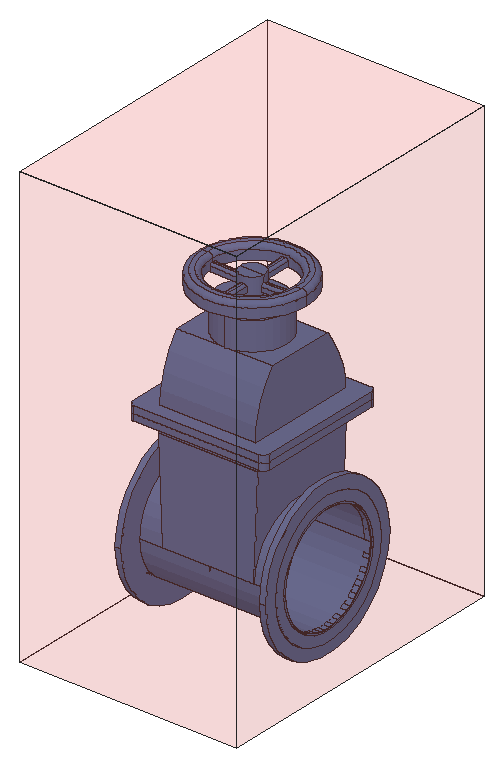
Revit family "Поли-Групп_ЗадвижкаКлиноваяEAZ-EК-F5_DN40-900", category Арматура трубопроводов, Revit 2019
Family settings
  Размер круглого соединителя = Использовать диаметр
  Тип детали = Клапан - Вставляется
  На основе рабочей плоскости = Нет
  Всегда вертикально = Да
  При загрузке вырезать с полостями = Нет
  Общий = Нет
Parameters (values of type "Загрузите типоразмеры из каталог семейств")
  Тип присоединения = "Фланцевое"  # constant formula
  Тип привода = "Штурвал"  # constant formula
  Температура рабочей среды = "0 до +70°С"  # constant formula
  ТВ = "Поли-Групп_ЗадвижкаКлиноваяEAZ-EК-F5_DN40-900"  # constant formula
  Срок службы = "50 лет"  # constant formula
  Сервисная зона_Вкл_Выкл [instance] = yes
  Разработчик = "https://3dbim.pro/"
  Рабочая среда = "Питьевая вода, техническая вода, канализационные стоки, морская вода"  # constant formula
  Покрытие = "Высококачественное эпоксидное покрытие толщиной 300 мкм"  # constant formula
  A = D * 0.9  # 643.5 mm
  l3 = L * 0.9  # 630 mm
  Назначение = "Для установки в качестве запорного устройства на трубопроводах"  # constant formula
  Материал уплотнителя = "EPDM/NBR"  # constant formula
  Материал Диска = "Высокопрочный чугун с шаровидным графитом (GGG-40)"  # constant formula
  d1 = DN / 4  # 125 mm
  Класс герметичности = "А по ГОСТ Р 9544-2015"  # constant formula
  Manufacturer = ""
  h2 = H2 * 0.5  # 557 mm
  Габаритные размеры = size_lookup(ТВ, "Габаритные размеры", "нет данных", DN, PN)  # "700х715х1114"
  t = h2 * 0.1  # 55.7 mm
  l2 = L * 0.65  # 455 mm
  l1 = L * 0.6  # 420 mm
  b = size_lookup(ТВ, "b", 20 mm, DN, PN)  # 31.5 mm
  PN = 16.0 bar
  DO = size_lookup(ТВ, "DO", 160 mm, DN, PN)  # 500 mm
  D2 = size_lookup(ТВ, "D2", 340 mm, DN, PN)  # 605 mm
  f = size_lookup(ТВ, "f", 3 mm, DN, PN)  # 4 mm
  URL = ""
  R = size_lookup(ТВ, "R", 245 mm, DN, PN)  # 27.5 mm
  L = size_lookup(ТВ, "L", 500 mm, DN, PN)  # 700 mm
  Kv = size_lookup(ТВ, "Kv", 1.0 m³/h, DN, PN)  # 1.0 m³/h
  H2 = size_lookup(ТВ, "H2", 245 mm, DN, PN)  # 1114 mm
  D_Наружный = DN + 9 mm  # 509 mm
  DN = 500 mm
  D = size_lookup(ТВ, "D", 340 mm, DN, PN)  # 715 mm
  ADSK_Расход жидкости [instance] = 0.0 m³/h
  ADSK_Примечание = ""
  ADSK_Потеря давления жидкости [instance] = (ADSK_Расход жидкости / Kv) ^ 2 * 1.0 bar  # 0.0 bar
  ADSK_Позиция = ""
  ADSK_Обозначение = ""
  ADSK_Наименование краткое = size_lookup(ТВ, "ADSK_Наименование краткое", "нет данных", DN, PN)  # "Задвижка клиновая EAZ EK F5 DN500 PN16"
  ADSK_Наименование = size_lookup(ТВ, "ADSK_Наименование", "нет данных", DN, PN)  # "Задвижка с обрезиненным клином EAZ EK F5 для воды с мягким уплотнением фланцевая маховик DN500 PN16"
  ADSK_Материал наименование = "Высокопрочный чугун с шаровидным графитом (GGG-40)"  # constant formula
  ADSK_Материал = Высокопрочный чугун GGG-40
  ADSK_Масса_Текст = size_lookup(ТВ, "ADSK_Масса_Текст", "нет данных", DN, PN)  # "394"
  ADSK_Масса = size_lookup(ТВ, "ADSK_Масса", 0, DN, PN)  # 394
  ADSK_Марка = size_lookup(ТВ, "ADSK_Код изделия", "нет данных", DN, PN)  # "EAZ-GV-4-F5 DN500 PN16"
  ADSK_Количество = 1  # constant formula
  ADSK_Код изделия = ""
  ADSK_Завод-изготовитель = "ООО ПК «Поли-Групп»"  # constant formula
  ADSK_Единица измерения = "шт"  # constant formula
  ADSK_Версия Revit = "2019"  # constant formula
  ADSK_URL страницы изделия = "https://www.polycorr.ru/"
Reference planes
  plane 1 "По центру (Вперед/Назад)": y = 0
  plane 2: z = 0
  plane 3 "По центру (Влево/Вправо)": x = 0
  plane 4: y = 250
  plane 5: y = -250
  plane 6: x = -350
  plane 7: x = 350
  plane 8: x = -154
  plane 9: x = 154
  plane 10: y = 302.5
  plane 11: y = -302.5
  plane 12: y = 254.5
  plane 13: y = -254.5
  plane 14 "Корпус": z = 557
  plane 15: z = 525.5
  plane 16: z = 469.8
  plane 17: x = -227.5
  plane 18: x = 227.5
  plane 19: x = -210
  plane 20: x = 210
  plane 21: y = 321.75
  plane 22: y = -321.75
  plane 23: x = 315
  plane 24: x = -315
  plane 25: y = 254.5
  plane 26: y = -254.5
  plane 27: x = -5
  plane 28: x = 5
  plane 29: z = 250
  plane 30: z = -250
  plane 31 "Штурвал": z = 1114
Forms (mm)
  Revolve 1, solid, material "Высокопрочный чугун GGG-40" <- "ADSK_Материал", detail levels fine
    sketch origin (0, 0, 0) x (1, 0, 0) y (0, 1, 0)
      loop
        line (-350, 254.5) -> (-350, 0) -> (350, 0) -> (350, 254.5) -> (-350, 254.5)
      axis (-350, 0) -> (350, 0)
    angle from 0 to 360
  Extrusion 2, solid, material "Высокопрочный чугун GGG-40" <- "ADSK_Материал", detail levels fine
    sketch origin (-117.677, -1524, 525.5) x (-1, 0, 0) y (0, -1, 0)
      loop
        arc (169.823, -1845.75) -> (189.268, -1837.695) -> (197.323, -1818.25) r 27.5
        line (197.323, -1818.25) -> (197.323, -1229.75)
        arc (197.323, -1229.75) -> (189.268, -1210.305) -> (169.823, -1202.25) r 27.5
        line (169.823, -1202.25) -> (-405.177, -1202.25)
        arc (-405.177, -1202.25) -> (-424.623, -1210.305) -> (-432.677, -1229.75) r 27.5
        line (-432.677, -1229.75) -> (-432.677, -1818.25)
        arc (-432.677, -1818.25) -> (-424.623, -1837.695) -> (-405.177, -1845.75) r 27.5
        line (-405.177, -1845.75) -> (169.823, -1845.75)
    from 0 to 31.5
  Blend 3, solid, material "Высокопрочный чугун GGG-40" <- "ADSK_Материал", detail levels fine
    base sketch origin (0, 0, 0) x (1, 0, 0) y (0, 1, 0)
      loop
        line (-210, 254.5) -> (-210, -254.5) -> (210, -254.5) -> (210, 254.5) -> (-210, 254.5)
    top sketch origin (0, 0, 0) x (1, 0, 0) y (0, 1, 0)
      loop
        line (-227.5, 254.5) -> (-227.5, -254.5) -> (227.5, -254.5) -> (227.5, 254.5) -> (-227.5, 254.5)
    from 0 to 469.8
  Extrusion 4, solid, material "Высокопрочный чугун GGG-40" <- "ADSK_Материал", detail levels fine
    sketch origin (-117.677, -1524, 469.8) x (-1, 0, 0) y (0, -1, 0)
      loop
        line (109.823, -1269.5) -> (-345.177, -1269.5) -> (-345.177, -1778.5) -> (109.823, -1778.5) -> (109.823, -1269.5)
    from 0 to 55.7
  Extrusion 5, void
    sketch origin (-154, 168.089, 1200) x (0, -1, 0) y (0, 0, 1)
      loop
        circle (168.089, -1200) r 250
    from 196 to -504
  Extrusion 6, solid, material "Высокопрочный чугун GGG-40" <- "ADSK_Материал", detail levels fine
    sketch origin (0, 0, 0) x (0, 1, 0) y (0, 0, 1)
      loop
        circle (0, 0) r 250
    from -5 to 5
  Extrusion 7, solid, material "Высокопрочный чугун GGG-40" <- "ADSK_Материал", detail levels fine
    sketch origin (0, 0, 0) x (1, 0, 0) y (0, 1, 0)
      loop
        circle (0, 0) r 62.5
    from -250 to 250
Cuts and joins
  Extrusion 5 cuts Revolve 1
  Extrusion 5 cuts Blend 3
  joined: Revolve 1, Blend 3
Dimensions and locks
  equal spacing: plane 4, plane 1 "По центру (Вперед/Назад)", plane 5
  "DN": plane 4 to plane 5
  equal spacing: plane 10, plane 1 "По центру (Вперед/Назад)", plane 11
  "D2": plane 10 to plane 11
  equal spacing: plane 12, plane 1 "По центру (Вперед/Назад)", plane 13
  "D_Наружный": plane 12 to plane 13
  "b": plane 14 "Корпус" to plane 15
  "h2": plane 14 "Корпус" to plane 2
  equal spacing: plane 19, plane 3 "По центру (Влево/Вправо)", plane 20
  "l1": plane 19 to plane 20
  equal spacing: plane 17, plane 3 "По центру (Влево/Вправо)", plane 18
  "l2": plane 17 to plane 18
  equal spacing: plane 21, plane 1 "По центру (Вперед/Назад)", plane 22
  "A": plane 21 to plane 22
  equal spacing: plane 24, plane 3 "По центру (Влево/Вправо)", plane 23
  "l3": plane 24 to plane 23
  "D_Наружный": plane 25 to plane 26
  equal spacing: plane 26, plane 1 "По центру (Вперед/Назад)", plane 25
  equal spacing: plane 28, plane 3 "По центру (Влево/Вправо)", plane 27
  locked: plane 28 to plane 3 "По центру (Влево/Вправо)" at 5
  "t": plane 15 to plane 16
  equal spacing: plane 29, level, plane 30
  "DN": plane 29 to plane 30
  "H2": plane 31 "Штурвал" to level
  equal spacing: plane 6, nested 3, plane 7
  "L": plane 6 to plane 7
  equal spacing: plane 6, plane 3 "По центру (Влево/Вправо)", plane 7
  "R": radius of Extrusion 2 sketch curve  (x4)
  "DN": diameter of Extrusion 5 sketch curve
  "DN": diameter of Extrusion 6 sketch curve
  "d1": diameter of Extrusion 7 sketch curve
  aligned and locked: level to plane 2
  aligned and locked: Revolve 1 sketch curve to plane 12
  aligned and locked: plane 1 "По центру (Вперед/Назад)" to Revolve 1 sketch curve
  aligned and locked: Extrusion 2 sketch curve to plane 21
  aligned and locked: Extrusion 2 sketch curve to plane 24
  aligned and locked: Extrusion 2 sketch curve to plane 22
  aligned and locked: Extrusion 2 sketch curve to plane 23
  aligned and locked: plane 14 "Корпус" to Extrusion 2
  aligned and locked: plane 25 to Blend 3 sketch curve
  aligned and locked: plane 17 to Blend 3 sketch curve
  aligned and locked: Blend 3 sketch curve to plane 18
  aligned and locked: Blend 3 sketch curve to plane 26
  aligned and locked: Blend 3 sketch curve to plane 12
  aligned and locked: plane 19 to Blend 3 sketch curve
  aligned and locked: plane 13 to Blend 3 sketch curve
  aligned and locked: Blend 3 sketch curve to plane 20
  aligned and locked: Blend 3 to plane 16
  aligned and locked: plane 26 to Extrusion 4 sketch curve
  aligned and locked: Extrusion 4 sketch curve to plane 17
  aligned and locked: Extrusion 4 sketch curve to plane 25
  aligned and locked: Extrusion 4 sketch curve to plane 18
  aligned and locked: Revolve 1 sketch curve to plane 1 "По центру (Вперед/Назад)"
  aligned and locked: nested 1 to plane 1 "По центру (Вперед/Назад)"
  aligned and locked: plane 1 "По центру (Вперед/Назад)" to nested 2
  aligned and locked: Extrusion 6 to plane 27
  aligned and locked: Extrusion 6 to plane 28
  aligned and locked: Extrusion 4 to plane 15
  aligned and locked: Extrusion 7 to plane 30
  aligned and locked: plane 29 to Extrusion 7
  aligned and locked: plane 1 "По центру (Вперед/Назад)" to nested 3
  aligned and locked: plane 7 to nested 2
  aligned and locked: Revolve 1 sketch curve to plane 7
  aligned and locked: cut or joined group of Revolve 1, Blend 3, Extrusion 5 to plane 6
  aligned and locked: Extrusion 5 to plane 6
  aligned and locked: plane 7 to Extrusion 5
  aligned and locked: nested 1 to plane 6
  aligned and locked: plane 3 "По центру (Влево/Вправо)" to nested 4
  aligned and locked: plane 1 "По центру (Вперед/Назад)" to nested 4
  aligned and locked: nested 4 to level
  aligned and locked: plane 3 "По центру (Влево/Вправо)" to nested 5
  aligned and locked: nested 5 to level
  aligned and locked: plane 3 "По центру (Влево/Вправо)" to nested 6
Automatic sketch dimensions
  Revolve 1 sketch curve to plane 6 = 14 mm
  Revolve 1 sketch curve to plane 7 = 5 mm
  Revolve 1 sketch curve to plane 6 = 0 mm
  Extrusion 5 sketch curve to level = 0 mm
  Extrusion 5 sketch curve to plane 1 "По центру (Вперед/Назад)" = 0 mm
  Extrusion 6 sketch curve to level = 0 mm
  Extrusion 6 sketch curve to plane 1 "По центру (Вперед/Назад)" = 0 mm
  plane 1 "По центру (Вперед/Назад)" to Extrusion 7 sketch curve = 0 mm
  Extrusion 7 sketch curve to plane 3 "По центру (Влево/Вправо)" = 0 mm
Nested families
  nested 1: "Вл_Фланец" at (-318.5, 0, 0) x (-1, 0, 0) z (0, 0, 1), type "Вл_Фланец", detail levels fine
    with D2 605 mm, f 4 mm, D 715 mm, b 31.5 mm, DN 500 mm
  nested 2: "Вл_Фланец" at (318.5, 0, 0), type "Вл_Фланец", detail levels fine
    with D2 605 mm, f 4 mm, D 715 mm, b 31.5 mm, DN 500 mm
  nested 3: "Вл_КрышкаКорпусаШтурвал" at (0, 0, 557), type "Вл_КрышкаКорпусаШтурвал", detail levels fine
  nested 4: "УГО_АТ_Задвижка" at (-0.685, 0, 0) x (1, 0, 0) z (0, -1, 0), type "УГО_АТ_Задвижка", detail levels coarse+medium
    with УГО_Длина 700 mm, b 202.073 mm
  nested 5: "УГО_ЭУ_Задвижка" at (0, 0, 0) x (1, 0, 0) z (0, -1, 0), type "УГО_ЭУ_Задвижка", detail levels coarse+medium
    with УГО_Длина 700 mm, b 202.073 mm
  nested 6: "Вл_СервиснаяЗона" at (0, 0, -19.073), visible <- "Сервисная зона_Вкл_Выкл", type "Вл_СервиснаяЗона", detail levels fine
    with on_off yes, ДиаметрФланца 715 mm, СЗ_ВысотаПодОсью 357.5 mm, СЗ_ВысотаНадОсью 1671 mm, СЗ_ШиринаВперед 715 mm, Длина 500 mm, СЗ_Длина 1000 mm, ВысотаНадОсью 1114 mm, СЗ_ШиринаНазад 715 mm, ВысотаПодОсью 715 mm
Connectors
  piping at (350, 0, 0), diameter 500, driven by "DN", driven by "ADSK_Расход жидкости"
    settings: on cut or joined group of Revolve 1, Blend 3, Extrusion 5, index 1, connector inside diameter 609.6 mm, connector length 0 mm, flow factor 0, pipe flow 0.0 m³/h, pressure drop 0.0 bar, fitting loss kfactor 0, connector angle 0.00°, fixture units 0, engagement length 0 mm, angle of deflection 0.00°, flow configuration 0, flow direction 0, fitting loss method 0, system type 29, joint type 0, gender type 0, connector reference index 2, connector utility 0, adjustable connector no, is connector primary yes, connector description ""
  piping at (-350, 0, 0), diameter 500, driven by "DN", driven by "ADSK_Расход жидкости", driven by "ADSK_Потеря давления жидкости"
    settings: on cut or joined group of Revolve 1, Blend 3, Extrusion 5, index 2, connector inside diameter 609.6 mm, connector length 0 mm, flow factor 0, pipe flow 0.0 m³/h, pressure drop 0.0 bar, fitting loss kfactor 0, connector angle 0.00°, fixture units 0, engagement length 0 mm, angle of deflection 0.00°, flow configuration 0, flow direction 0, fitting loss method 4, system type 29, joint type 0, gender type 0, connector reference index 1, connector utility 0, adjustable connector no, is connector primary no, connector description ""
Definition of nested family "Вл_Фланец"
  Parameters (values of type "Вл_Фланец")
    Материал = none
    Manufacturer = ""
    D2 = 682 mm
    f = 5 mm
    URL = ""
    D = 780 mm
    b = 36 mm
    DN = 600 mm
  Reference planes
    plane 1 "По центру (Вперед/Назад)": y = 0
    plane 2: z = 0
    plane 3 "По центру (Влево/Вправо)": x = 0
    plane 4: x = 31
    plane 5: x = 36
  Forms (mm)
    Extrusion 1, solid, material <- "Материал"
      sketch origin (0, 0, 0) x (0, 1, 0) y (0, 0, 1)
        loop
          circle (0, 1.343) r 390
        loop
          circle (0, 0) r 300
      from 0 to 31
    Extrusion 2, solid, material <- "Материал"
      sketch origin (31, 232.183, 1200) x (0, 1, 0) y (0, 0, 1)
        loop
          circle (-232.183, -1200) r 341
        loop
          circle (-232.183, -1200) r 300
      from 0 to 5
  Dimensions and locks
    "f": plane 4 to plane 5
    "b": plane 3 "По центру (Влево/Вправо)" to plane 5
    "D": diameter of Extrusion 1 sketch curve
    "DN": diameter of Extrusion 1 sketch curve
    "DN": diameter of Extrusion 2 sketch curve
    "D2": diameter of Extrusion 2 sketch curve
    aligned and locked: level to plane 2
    aligned and locked: Extrusion 1 to plane 4
    aligned and locked: Extrusion 2 to plane 5
  Automatic sketch dimensions
    Extrusion 1 sketch curve to level = 0 mm
    Extrusion 1 sketch curve to plane 1 "По центру (Вперед/Назад)" = 0 mm  (x2)
    level to Extrusion 1 sketch curve = 1.343 mm
    Extrusion 2 sketch curve to Extrusion 2 sketch curve = 0 mm  (x2)
    Extrusion 2 sketch curve to level = 0 mm
    Extrusion 2 sketch curve to plane 1 "По центру (Вперед/Назад)" = 0 mm
Definition of nested family "Вл_КрышкаКорпусаШтурвал"
  Parameters (values of type "Вл_КрышкаКорпусаШтурвал")
    Штурвал_Высота = DO * 0.25  # 125 mm
    Шляпа_Ширина = l3 * 0.7  # 441 mm
    Шляпа_Глубина = A * 0.8  # 514.8 mm
    ТВ = "Поли-Групп_ЗадвижкаКлиноваяEAZ-EК-F5_DN40-900"  # constant formula
    l3 = L * 0.9  # 630 mm
    Default Elevation = 1219.2 mm
    Материал = none
    h2 = 557 mm
    Manufacturer = ""
    PN = 16.0 bar
    A = D * 0.9  # 643.5 mm
    Шляпа_Высота = КрышкаКорпуса_Высота * 0.7  # 302.4 mm
    КрышкаКорпуса_Высота = H2 - h2 - Штурвал_Высота  # 432 mm
    Верх_Глубина = Шляпа_Вал_Диаметр / 5  # 63 mm
    b = size_lookup(ТВ, "b", 20 mm, DN, PN)  # 31.5 mm
    URL = ""
    R = size_lookup(ТВ, "R", 9.7 mm, DN, PN)  # 27.5 mm
    L = size_lookup(ТВ, "L", 500 mm, DN, PN)  # 700 mm
    H2 = size_lookup(ТВ, "H2", 250 mm, DN, PN)  # 1114 mm
    Шляпа_Вал_Диаметр = l3 * 0.5  # 315 mm
    DO = size_lookup(ТВ, "DO", 160 mm, DN, PN)  # 500 mm
    DN = 500 mm
    D = size_lookup(ТВ, "D", 340 mm, DN, PN)  # 715 mm
  Reference planes
    plane 1 "По центру (Вперед/Назад)": y = 0
    plane 2: z = 0
    plane 3 "По центру (Влево/Вправо)": x = 0
    plane 4: y = 321.75
    plane 5: y = -321.75
    plane 6: x = 315
    plane 7: x = -315
    plane 8: z = 31.5
    plane 9: x = 46.6
    plane 10: x = -46.6
    plane 11: y = 64.5
    plane 12 "1": y = -376.5
    plane 13: z = 302.4
    plane 14: y = 257.4
    plane 15: y = -257.4
    plane 16: x = 220.5
    plane 17: x = -220.5
    plane 18: x = 157.5
    plane 19: x = -157.5
    plane 20: y = 157.5
    plane 21: y = -157.5
    plane 22: z = 432
    plane 23: z = 151.2
  Forms (mm)
    Extrusion 1, solid, material <- "Материал"
      sketch origin (0, 0, 0) x (1, 0, 0) y (0, 1, 0)
        loop
          arc (-287.5, 321.75) -> (-306.945, 313.695) -> (-315, 294.25) r 27.5
          line (-315, 294.25) -> (-315, -294.25)
          arc (-315, -294.25) -> (-306.945, -313.695) -> (-287.5, -321.75) r 27.5
          line (-287.5, -321.75) -> (287.5, -321.75)
          arc (287.5, -321.75) -> (306.945, -313.695) -> (315, -294.25) r 27.5
          line (315, -294.25) -> (315, 294.25)
          arc (315, 294.25) -> (306.945, 313.695) -> (287.5, 321.75) r 27.5
          line (287.5, 321.75) -> (-287.5, 321.75)
      from 0 to 31.5
    Extrusion 2, solid, material <- "Материал"
      sketch origin (0, 76.451, 302.4) x (0, 1, 0) y (-1, 0, 0)
        loop
          circle (-76.451, 0) r 157.5
      from 0 to 129.6
    Extrusion 3, solid, material <- "Материал"
      sketch origin (0, 0, 0) x (0, 1, 0) y (0, 0, 1)
        loop
          spline (-157.5, 302.4) -> (-174.603, 277.66) -> (-190.11, 253.313) -> (-204.021, 229.36) -> (-216.336, 205.801) -> (-227.055, 182.636) -> (-236.178, 159.864) -> (-243.705, 137.486) -> (-249.636, 115.501) -> (-253.971, 93.91) -> (-256.71, 72.713) -> (-257.853, 51.91) -> (-257.4, 31.5)
          line (-257.4, 31.5) -> (257.4, 31.5)
          spline (257.4, 31.5) -> (257.853, 51.91) -> (256.71, 72.713) -> (253.971, 93.91) -> (249.636, 115.501) -> (243.705, 137.486) -> (236.178, 159.864) -> (227.055, 182.636) -> (216.336, 205.801) -> (204.021, 229.36) -> (190.11, 253.313) -> (174.603, 277.66) -> (157.5, 302.4)
          line (157.5, 302.4) -> (-157.5, 302.4)
      from -220.5 to 220.5
  Dimensions and locks
    equal spacing: plane 7, plane 3 "По центру (Влево/Вправо)", plane 6
    "l3": plane 7 to plane 6
    equal spacing: plane 4, plane 1 "По центру (Вперед/Назад)", plane 5
    "A": plane 4 to plane 5
    "b": plane 8 to plane 2
    "Шляпа_Высота": plane 13 to plane 2
    equal spacing: plane 17, plane 3 "По центру (Влево/Вправо)", plane 16
    "Шляпа_Ширина": plane 17 to plane 16
    equal spacing: plane 14, plane 1 "По центру (Вперед/Назад)", plane 15
    "Шляпа_Глубина": plane 14 to plane 15
    equal spacing: plane 20, plane 1 "По центру (Вперед/Назад)", plane 21
    equal spacing: plane 19, plane 3 "По центру (Влево/Вправо)", plane 18
    "Шляпа_Вал_Диаметр": plane 20 to plane 21
    "Шляпа_Вал_Диаметр": plane 19 to plane 18
    "КрышкаКорпуса_Высота": plane 22 to plane 2
    equal spacing: plane 13, plane 23, level
    plane 11 to plane 1 "По центру (Вперед/Назад)" to plane 12 "1" = 64.5 mm, 376.5 mm
    "Шляпа_Ширина": plane 11 to plane 12 "1"
    "R": radius of Extrusion 1 sketch curve  (x4)
    "Шляпа_Вал_Диаметр": diameter of Extrusion 2 sketch curve
    aligned and locked: level to plane 2
    aligned and locked: Extrusion 1 sketch curve to plane 4
    aligned and locked: plane 7 to Extrusion 1 sketch curve
    aligned and locked: plane 5 to Extrusion 1 sketch curve
    aligned and locked: Extrusion 1 sketch curve to plane 6
    aligned and locked: Extrusion 1 to plane 8
    aligned and locked: plane 22 to Extrusion 2
    aligned and locked: plane 3 "По центру (Влево/Вправо)" to nested 1
    aligned and locked: plane 1 "По центру (Вперед/Назад)" to nested 1  (x2)
    aligned and locked: Extrusion 3 sketch curve to plane 13  (x2)
    aligned and locked: plane 14 to Extrusion 3 sketch curve
    aligned and locked: plane 15 to Extrusion 3 sketch curve
    aligned and locked: Extrusion 3 to plane 8
    aligned and locked: plane 17 to Extrusion 3
    aligned and locked: plane 16 to Extrusion 3
    aligned and locked: plane 21 to Extrusion 3 sketch curve
    aligned and locked: plane 20 to Extrusion 3 sketch curve
  Automatic sketch dimensions
    Extrusion 3 sketch curve to plane 8 = 0 mm
    plane 1 "По центру (Вперед/Назад)" to Extrusion 2 sketch curve = 0 mm
    Extrusion 2 sketch curve to plane 3 "По центру (Влево/Вправо)" = 0 mm
  Nested families
    nested 1: "Вл_Штурвал" at (0, 0, 432), type "Вл_Штурвал"
      with Штурвал_Осьd 435 mm, Штурвал_Высота 125 mm, Штурвал_КольцоШирина 65 mm, Держалка_Ширина/2 16.25 mm, Держалка_Ширина 32.5 mm, Держалка_d 337.5 mm, Держалка_Отступ 12.5 mm, Штурвал_ВнКольцоВысота 77 mm, Штурвал_ВнВысота 81.25 mm, DO 500 mm, Штурвал_Скруглений_r 21.45 mm, Штурвал_ВнКольцо_r 55 mm, Штурвал_Стойка_D 62.5 mm, D_Гайка 36.667 mm, DN 500 mm
  Definition of nested family "Вл_Штурвал"
    Parameters (values of type "Вл_Штурвал")
      Штурвал_Осьd = DO - Штурвал_КольцоШирина  # 783 mm
      Штурвал_Высота = DO * 0.25  # 225 mm
      Штурвал_КольцоШирина = DO * 0.13  # 117 mm
      Держалка_Ширина/2 = Держалка_Ширина * 0.5  # 29.25 mm
      Держалка_Ширина = Штурвал_КольцоШирина / 2  # 58.5 mm
      Держалка_d = Штурвал_Осьd - Штурвал_КольцоШирина * 1.5  # 607.5 mm
      Держалка_Отступ = Штурвал_Стойка_D * 0.2  # 22.5 mm
      Default Elevation = 1219.2 mm
      Материал_Штурвал = none
      Manufacturer = ""
      Штурвал_ВнКольцоВысота = Штурвал_ВнКольцо_r * 1.4  # 138.6 mm
      Штурвал_ВнВысота = Штурвал_Высота * 0.65  # 146.25 mm
      DO = 900 mm
      URL = ""
      Штурвал_Скруглений_r = Штурвал_КольцоШирина * 0.33  # 38.61 mm
      Штурвал_ВнКольцо_r = DO * 0.11  # 99 mm
      Штурвал_Стойка_D = Штурвал_Высота * 0.5  # 112.5 mm
      D_Гайка = Штурвал_ВнКольцо_r / 1.5  # 66 mm
      DN = 250 mm
    Reference planes
      plane 1 "По центру (Вперед/Назад)": y = 0
      plane 2: z = 0
      plane 3 "По центру (Влево/Вправо)": x = 0
      plane 4: x = 450
      plane 5: x = -450
      plane 6: y = 450
      plane 7: y = -450
      plane 8: z = 225
      plane 9: z = 108
      plane 10: x = 333
      plane 11: z = 217.35
      plane 12: z = 137.25
      plane 13: z = 78.75
      plane 14: x = 99
      plane 15: z = 101.25
    Forms (mm)
      Revolve 1, solid
        sketch origin (0, 0, 0) x (1, 0, 0) y (0, 0, 1)
          loop
            arc (371.61, 225) -> (344.309, 213.691) -> (333, 186.39) r 38.61
            line (333, 186.39) -> (333, 108) -> (450, 108) -> (450, 186.39)
            arc (450, 186.39) -> (438.691, 213.691) -> (411.39, 225) r 38.61
            line (411.39, 225) -> (371.61, 225)
          axis (0, 225) -> (0, 108)
        angle from 0 to 360
      Revolve 2, solid
        sketch origin (0, 0, 0) x (1, 0, 0) y (0, 0, 1)
          loop
            line (0, 217.35) -> (0, 78.75) -> (99, 78.75) -> (99, 217.35) -> (0, 217.35)
          axis (0, 217.35) -> (0, 78.75)
        angle from 0 to 360
      Extrusion 3, solid
        sketch origin (-128.236, -1524, 257.2) x (-1, 0, 0) y (0, -1, 0)
          loop
            circle (-128.236, -1524) r 56.25
        from -178.45 to -257.2
      Sweep 4, solid
        path in 3D
          loop
            line (0, 7.5, 101.25) -> (0, 435, 108) -> (0, 444, 108)
        profile "Вл_ПрофильШтурвала : Вл_ПрофильШтурвала" origin (0, 439.5, 108) x (0, 0, 1) y (1, 0, 0)
          loop
            arc (58.5, 9.75) -> (52.789, 23.539) -> (39, 29.25) r 19.5
            line (39, 29.25) -> (0, 29.25) -> (0, -29.25) -> (39, -29.25)
            arc (39, -29.25) -> (52.789, -23.539) -> (58.5, -9.75) r 19.5
            line (58.5, -9.75) -> (58.5, 9.75)
      Sweep 5, solid
        path in 3D
          loop
            line (-7.5, 0, 101.25) -> (-435, 0, 108) -> (-444, 0, 108)
        profile "Вл_ПрофильШтурвала : Вл_ПрофильШтурвала" origin (-439.5, 0, 108) x (0, 0, -1) y (0, -1, 0)
          loop
            arc (-58.5, -9.75) -> (-52.789, -23.539) -> (-39, -29.25) r 19.5
            line (-39, -29.25) -> (0, -29.25) -> (0, 29.25) -> (-39, 29.25)
            arc (-39, 29.25) -> (-52.789, 23.539) -> (-58.5, 9.75) r 19.5
            line (-58.5, 9.75) -> (-58.5, -9.75)
      Sweep 6, solid
        path in 3D
          loop
            line (0, -7.5, 101.25) -> (0, -435, 108) -> (0, -444, 108)
        profile "Вл_ПрофильШтурвала : Вл_ПрофильШтурвала" origin (0, -439.5, 108) x (0, 0, -1) y (1, 0, 0)
          loop
            arc (-58.5, -9.75) -> (-52.789, -23.539) -> (-39, -29.25) r 19.5
            line (-39, -29.25) -> (0, -29.25) -> (0, 29.25) -> (-39, 29.25)
            arc (-39, 29.25) -> (-52.789, 23.539) -> (-58.5, 9.75) r 19.5
            line (-58.5, 9.75) -> (-58.5, -9.75)
      Sweep 7, solid
        path in 3D
          loop
            line (7.5, 0, 101.25) -> (330, 0, 108) -> (444, 0, 108)
        profile "Вл_ПрофильШтурвала : Вл_ПрофильШтурвала" origin (387, 0, 108) x (0, 0, 1) y (0, -1, 0)
          loop
            arc (58.5, 9.75) -> (52.789, 23.539) -> (39, 29.25) r 19.5
            line (39, 29.25) -> (0, 29.25) -> (0, -29.25) -> (39, -29.25)
            arc (39, -29.25) -> (52.789, -23.539) -> (58.5, -9.75) r 19.5
            line (58.5, -9.75) -> (58.5, 9.75)
    Cuts and joins
      joined: Revolve 1, Revolve 2, Sweep 4, Sweep 5, Sweep 6, Sweep 7
    Lines and regions (mm)
      reference lines
        curve 1: circle (0, 0, 108) r 391.5 normal (0, 0, 1)
        curve 2: circle (0, 0, 101.25) r 49.5 normal (0, 0, 1)
        curve 3: circle (0, 0, 108) r 303.75 normal (0, 0, 1)
        curve 4: line (-7.5, 0, 101.25) -> (-435, 0, 108)
        curve 5: line (-435, 0, 108) -> (-444, 0, 108)
        curve 6: line (7.5, 0, 101.25) -> (330, 0, 108)
        curve 7: line (330, 0, 108) -> (444, 0, 108)
        curve 8: line (0, 7.5, 101.25) -> (0, 435, 108)
        curve 9: line (0, 435, 108) -> (0, 444, 108)
        curve 10: line (0, -7.5, 101.25) -> (0, -435, 108)
        curve 11: line (0, -435, 108) -> (0, -444, 108)
      sketch lines
        curve 12: line (0, 435, 108) -> (0, 444, 108)
        curve 13: line (0, 7.5, 101.25) -> (0, 435, 108)
        curve 14: line (-435, 0, 108) -> (-444, 0, 108)
        curve 15: line (-7.5, 0, 101.25) -> (-435, 0, 108)
        curve 16: line (0, -435, 108) -> (0, -444, 108)
        curve 17: line (0, -7.5, 101.25) -> (0, -435, 108)
        curve 18: line (330, 0, 108) -> (444, 0, 108)
        curve 19: line (7.5, 0, 101.25) -> (330, 0, 108)
    Dimensions and locks
      equal spacing: plane 6, plane 1 "По центру (Вперед/Назад)", plane 7
      "DO": plane 6 to plane 7
      equal spacing: plane 5, plane 3 "По центру (Влево/Вправо)", plane 4
      "DO": plane 5 to plane 4
      "Штурвал_КольцоШирина": plane 8 to plane 9
      "Штурвал_КольцоШирина": plane 4 to plane 10
      "Штурвал_ВнКольцоВысота": plane 11 to plane 13
      "Штурвал_ВнКольцо_r": plane 14 to plane 3 "По центру (Влево/Вправо)"
      "Держалка_Ширина/2": plane 12 to plane 9
      "Штурвал_ВнВысота": plane 8 to plane 13
      "Держалка_Отступ": plane 15 to plane 13
      "Штурвал_Высота": plane 8 to level
      "Штурвал_Стойка_D": diameter of Extrusion 3 sketch curve
      "Штурвал_Осьd": diameter of curve 1
      "Штурвал_ВнКольцо_r": diameter of curve 2
      "Штурвал_Скруглений_r": radius of Revolve 1 sketch curve  (x2)
      "Держалка_d": diameter of curve 3
      aligned and locked: level to plane 2
      aligned and locked: Revolve 1 sketch curve to plane 8
      aligned and locked: plane 10 to Revolve 1 sketch curve
      aligned and locked: plane 9 to Revolve 1 sketch curve
      aligned and locked: Revolve 1 sketch curve to plane 4
      aligned and locked: Revolve 1 sketch curve to plane 3 "По центру (Влево/Вправо)"
      aligned and locked: Revolve 2 sketch curve to plane 11
      aligned and locked: plane 3 "По центру (Влево/Вправо)" to Revolve 2 sketch curve
      aligned and locked: plane 13 to Revolve 2 sketch curve
      aligned and locked: Revolve 2 sketch curve to plane 14
      aligned and locked: Revolve 2 sketch curve to plane 3 "По центру (Влево/Вправо)"
      aligned and locked: curve 2 to curve 4
      aligned and locked: curve 4 to curve 3
      aligned and locked: curve 5 to curve 1
      aligned and locked: curve 2 to curve 6
      aligned and locked: curve 3 to curve 6
      aligned and locked: curve 1 to curve 7
      aligned and locked: curve 2 to curve 8
      aligned and locked: curve 3 to curve 8
      aligned and locked: curve 1 to curve 9
      aligned and locked: curve 2 to curve 10
      aligned and locked: curve 10 to curve 3
      aligned and locked: curve 11 to curve 1
      aligned and locked: Extrusion 3 to level
      aligned and locked: plane 13 to Extrusion 3
    Automatic sketch dimensions
      Revolve 2 sketch curve to plane 13 = 0 mm
      Revolve 2 sketch curve to Revolve 2 sketch curve = 70 mm
      plane 8 to Revolve 2 sketch curve = 40 mm
      plane 5 to curve 5 = 15 mm
      plane 5 to curve 5 = 6 mm
      curve 4 to plane 3 "По центру (Влево/Вправо)" = 7.5 mm
      plane 3 "По центру (Влево/Вправо)" to curve 6 = 7.5 mm
      curve 7 to plane 10 = 3 mm
      curve 7 to plane 4 = 6 mm
      curve 9 to plane 6 = 15 mm
      curve 8 to plane 1 "По центру (Вперед/Назад)" = 7.5 mm
      plane 1 "По центру (Вперед/Назад)" to curve 10 = 7.5 mm
      plane 7 to curve 11 = 15 mm
      plane 7 to curve 11 = 6 mm
      curve 9 to plane 6 = 6 mm
      plane 8 to Revolve 1 sketch curve = 4.2 mm
      Revolve 1 sketch curve to Revolve 1 sketch curve = 155.8 mm
      plane 1 "По центру (Вперед/Назад)" to Extrusion 3 sketch curve = 0 mm
      Extrusion 3 sketch curve to plane 3 "По центру (Влево/Вправо)" = 0 mm
      plane 1 "По центру (Вперед/Назад)" to curve 2 = 0 mm
      curve 2 to plane 3 "По центру (Влево/Вправо)" = 0 mm
      curve 1 to curve 3 = 0 mm  (x2)
      plane 1 "По центру (Вперед/Назад)" to curve 3 = 0 mm
      curve 3 to plane 3 "По центру (Влево/Вправо)" = 0 mm
Definition of nested family "УГО_АТ_Задвижка"
  Parameters (values of type "УГО_АТ_Задвижка")
    УГО_Длина = 210 mm
    b = (УГО_Длина / 2) * tan(30.00°)  # 60.622 mm
  Reference planes
    plane 1 "По центру (Вперед/Назад)": y = 0
    plane 2: z = 0
    plane 3 "По центру (Влево/Вправо)": x = 0.685
    plane 4: z = 60.622
    plane 5: z = -60.622
    plane 6: x = -104.315
    plane 7: x = 105.685
  Forms (mm)
    Extrusion 1, solid
      sketch origin (0, 0, 0) x (1, 0, 0) y (0, 0, 1)
        loop
          line (0.685, 0) -> (-104.315, 60.622) -> (-104.315, -60.622) -> (0.685, 0)
      from -1 to 1
    Extrusion 2, solid
      sketch origin (0, 0, 0) x (-1, 0, 0) y (0, 0, -1)
        loop
          line (-0.685, 0) -> (-105.685, 60.622) -> (-105.685, -60.622) -> (-0.685, 0)
      from -1 to 1
  Lines and regions (mm)
    model lines
      curve 1: line (0.685, 0, 60.622) -> (0.685, 0, -60.622)
  Dimensions and locks
    equal spacing: plane 4, level, plane 5
    "b": plane 4 to level
    equal spacing: plane 7, plane 3 "По центру (Влево/Вправо)", plane 6
    "УГО_Длина": plane 7 to plane 6
    locked: plane 2 to Extrusion 2 sketch curve (angle 30.00°)
    locked: Extrusion 2 sketch curve to plane 2 (angle 30.00°)
    locked: Extrusion 1 sketch curve to plane 2 (angle 30.00°)
    locked: plane 2 to Extrusion 1 sketch curve (angle 30.00°)
    aligned and locked: level to plane 2
    aligned and locked: curve 1 to plane 3 "По центру (Влево/Вправо)"
    aligned and locked: plane 4 to curve 1
    aligned and locked: plane 5 to curve 1
    aligned and locked: Extrusion 1 sketch curve to plane 6
    aligned and locked: Extrusion 2 sketch curve to plane 7
  Automatic sketch dimensions
    Extrusion 1 sketch curve to level = 0 mm
    Extrusion 1 sketch curve to plane 3 "По центру (Влево/Вправо)" = 0 mm
    Extrusion 2 sketch curve to level = 0 mm
    Extrusion 2 sketch curve to plane 3 "По центру (Влево/Вправо)" = 0 mm
Definition of nested family "Вл_СервиснаяЗона"
  Parameters (values of type "Вл_СервиснаяЗона")
    ДиаметрФланца = 285 mm
    СЗ_ВысотаПодОсью = ВысотаПодОсью * 0.5  # 142.5 mm
    СЗ_ВысотаНадОсью = ВысотаНадОсью * 1.5  # 682.5 mm
    СЗ_ШиринаВперед = ДиаметрФланца  # 285 mm
    Default Elevation = 1219.2 mm
    Материал = none
    Длина = 250 mm
    СЗ_Длина = Длина * 2  # 500 mm
    ВысотаНадОсью = 455 mm
    СЗ_ШиринаНазад = ДиаметрФланца  # 285 mm
    ВысотаПодОсью = 285 mm
    on_off [instance] = yes
  Reference planes
    plane 1 "По центру (Вперед/Назад)": y = 0
    plane 2: z = 0
    plane 3 "По центру (Влево/Вправо)": x = 0
    plane 4: x = -250
    plane 5: x = 250
    plane 6: z = 682.5
    plane 7: y = 285
    plane 8: y = -285
    plane 9: z = -142.5
  Forms (mm)
    Extrusion 1, solid, material <- "Материал", visible <- "on_off", detail levels fine
      sketch origin (0, 0, 0) x (1, 0, 0) y (0, 1, 0)
        loop
          line (-250, 285) -> (-250, -285) -> (250, -285) -> (250, 285) -> (-250, 285)
      from -142.5 to 682.5
  Lines and regions (mm)
    symbolic lines, visible <- "on_off", detail levels fine
      curve 1: line (-250, 0, 682.5) -> (250, 0, 682.5)
      curve 2: line (250, 0, 682.5) -> (250, 0, -142.5)
      curve 3: line (-250, -285, 0) -> (-250, 285, 0)
      curve 4: line (250, 285, 0) -> (250, -285, 0)
  Dimensions and locks
    equal spacing: plane 4, plane 3 "По центру (Влево/Вправо)", plane 5
    "СЗ_Длина": plane 4 to plane 5
    "СЗ_ВысотаНадОсью": plane 6 to level
    "СЗ_ВысотаПодОсью": level to plane 9
    "СЗ_ШиринаВперед": plane 1 "По центру (Вперед/Назад)" to plane 8
    "СЗ_ШиринаНазад": plane 7 to plane 1 "По центру (Вперед/Назад)"
    aligned and locked: level to plane 2
    aligned and locked: Extrusion 1 sketch curve to plane 4
    aligned and locked: Extrusion 1 sketch curve to plane 5
    aligned and locked: curve 1 to plane 6
    aligned and locked: curve 2 to plane 5
    aligned and locked: curve 3 to plane 4
    aligned and locked: curve 4 to plane 5
    aligned and locked: plane 9 to curve 2
    aligned and locked: Extrusion 1 to plane 8
    aligned and locked: plane 7 to Extrusion 1
    aligned and locked: plane 6 to Extrusion 1
    aligned and locked: Extrusion 1 to plane 9
  Automatic sketch dimensions
    Extrusion 1 sketch curve to plane 8 = 0 mm
    Extrusion 1 sketch curve to plane 7 = 0 mm
    plane 8 to curve 4 = 0 mm
    curve 3 to plane 8 = 0 mm
    plane 7 to curve 4 = 0 mm
    curve 3 to plane 7 = 0 mm
    curve 1 to plane 4 = 0 mm
Definition of nested family "УГО_ЭУ_Задвижка"
  Parameters (values of type "УГО_ЭУ_Задвижка")
    УГО_Длина = 60 mm
    b = (УГО_Длина / 2) * tan(30.00°)  # 17.321 mm
  Reference planes
    plane 1 "По центру (Вперед/Назад)": y = 0
    plane 2: z = 0
    plane 3 "По центру (Влево/Вправо)": x = 0
    plane 4: x = -30
    plane 5: x = 30
    plane 6: y = 17.321
    plane 7: y = -17.321
  Lines and regions (mm)
    Filled region 1, type "Сплошная заливка - Белый", in view "Опорный уровень"
      outline origin (0, 0, 0) x (1, 0, 0) y (0, 1, 0)
        loop
          line (0, 0) -> (-30, 17.321) -> (-30, -17.321) -> (0, 0)
    Filled region 2, type "Сплошная заливка - Белый", in view "Опорный уровень"
      outline origin (0, 0, 0) x (1, 0, 0) y (0, 1, 0)
        loop
          line (0, 0) -> (30, -17.321) -> (30, 17.321) -> (0, 0)
    detail lines, in view "Опорный уровень"
      curve 1: line (0, 0, 0) -> (-30, 17.321, 0)
      curve 2: line (0, 0, 0) -> (-30, -17.321, 0)
      curve 3: line (-30, -17.321, 0) -> (-30, 17.321, 0)
      curve 4: line (0, 0, 0) -> (30, 17.321, 0)
      curve 5: line (0, 0, 0) -> (30, -17.321, 0)
      curve 6: line (30, -17.321, 0) -> (30, 17.321, 0)
      curve 7: line (0, -17.321, 0) -> (0, 17.321, 0)
  Dimensions and locks
    equal spacing: plane 4, plane 3 "По центру (Влево/Вправо)", plane 5
    "УГО_Длина": plane 4 to plane 5
    equal spacing: plane 6, plane 1 "По центру (Вперед/Назад)", plane 7
    "b": plane 6 to plane 1 "По центру (Вперед/Назад)"
    locked: plane 1 "По центру (Вперед/Назад)" to curve 4 (angle 30.00°)
    locked: curve 1 to plane 1 "По центру (Вперед/Назад)" (angle 30.00°)
    locked: plane 1 "По центру (Вперед/Назад)" to curve 2 (angle 30.00°)
    locked: curve 5 to plane 1 "По центру (Вперед/Назад)" (angle 30.00°)
    aligned and locked: plane 4 to curve 3
    aligned and locked: curve 6 to plane 5
    aligned and locked: Filled region 1 sketch curve to curve 1
    aligned and locked: Filled region 1 sketch curve to curve 3
    aligned and locked: Filled region 1 sketch curve to curve 2
    aligned and locked: Filled region 2 sketch curve to curve 4
    aligned and locked: Filled region 2 sketch curve to curve 6
    aligned and locked: Filled region 2 sketch curve to curve 5
    aligned and locked: plane 3 "По центру (Влево/Вправо)" to curve 7
    aligned and locked: plane 6 to curve 7
    aligned and locked: plane 7 to curve 7
  Automatic sketch dimensions
    plane 1 "По центру (Вперед/Назад)" to curve 2 = 0 mm
    curve 2 to plane 3 "По центру (Влево/Вправо)" = 0 mm
Types in the file's own list only (29): name | A | l3 | d1 | h2 | Габаритные размеры | t | l2 | l1 | b | PN | DO | D2 | f | R | L | Kv | H2 | D_Наружный | DN | D | ADSK_Наименование краткое | ADSK_Наименование | ADSK_Масса_Текст | ADSK_Масса | ADSK_Марка
  40-16 | 135 мм | 216 мм | 10 мм | 120 мм | "240х150х240" | 12 мм | 156 мм | 144 мм | 19 мм | 16.0 бары | 160 мм | 88 мм | 3 мм | 10 мм | 240 мм | 0.2 м³/ч | 240 мм | 49 мм | 40 мм | 150 мм | "Задвижка клиновая EAZ EK F5 DN40 PN16" | "Задвижка с обрезиненным клином EAZ EK F5 для воды с мягким уплотнением фланцевая маховик DN40 PN16" | "8.2" | 8.2 | "EAZ-GV-4-F5 DN40 PN16"
  50-16 | 149 мм | 216 мм | 13 мм | 120 мм | "240х165х240" | 12 мм | 156 мм | 144 мм | 19 мм | 16.0 бары | 160 мм | 100 мм | 3 мм | 10 мм | 240 мм | 0.2 м³/ч | 240 мм | 59 мм | 50 мм | 165 мм | "Задвижка клиновая EAZ EK F5 DN50 PN16" | "Задвижка с обрезиненным клином EAZ EK F5 для воды с мягким уплотнением фланцевая маховик DN50 PN16" | "9.2" | 9.2 | "EAZ-GV-4-F5 DN50 PN16"
  65-16 | 167 мм | 225 мм | 16 мм | 130 мм | "250х185х259" | 13 мм | 163 мм | 150 мм | 19 мм | 16.0 бары | 160 мм | 120 мм | 3 мм | 10 мм | 250 мм | 0.2 м³/ч | 259 мм | 74 мм | 65 мм | 185 мм | "Задвижка клиновая EAZ EK F5 DN65 PN16" | "Задвижка с обрезиненным клином EAZ EK F5 для воды с мягким уплотнением фланцевая маховик DN65 PN16" | "12" | 12 | "EAZ-GV-4-F5 DN65 PN16"
  80-16 | 180 мм | 243 мм | 20 мм | 148 мм | "270х200х295" | 15 мм | 176 мм | 162 мм | 19 мм | 16.0 бары | 200 мм | 135 мм | 3 мм | 10 мм | 270 мм | 0.1 м³/ч | 295 мм | 89 мм | 80 мм | 200 мм | "Задвижка клиновая EAZ EK F5 DN80 PN16" | "Задвижка с обрезиненным клином EAZ EK F5 для воды с мягким уплотнением фланцевая маховик DN80 PN16" | "14" | 14 | "EAZ-GV-4-F5 DN80 PN16"
  100-16 | 198 мм | 252 мм | 25 мм | 164 мм | "280х220х327" | 16 мм | 182 мм | 168 мм | 19 мм | 16.0 бары | 200 мм | 156 мм | 3 мм | 11 мм | 280 мм | 0.1 м³/ч | 327 мм | 109 мм | 100 мм | 220 мм | "Задвижка клиновая EAZ EK F5 DN100 PN16" | "Задвижка с обрезиненным клином EAZ EK F5 для воды с мягким уплотнением фланцевая маховик DN100 PN16" | "18" | 18 | "EAZ-GV-4-F5 DN100 PN16"
  125-16 | 225 мм | 270 мм | 31 мм | 194 мм | "300х250х388" | 19 мм | 195 мм | 180 мм | 19 мм | 16.0 бары | 250 мм | 186 мм | 3 мм | 11 мм | 300 мм | 0.1 м³/ч | 388 мм | 134 мм | 125 мм | 250 мм | "Задвижка клиновая EAZ EK F5 DN125 PN16" | "Задвижка с обрезиненным клином EAZ EK F5 для воды с мягким уплотнением фланцевая маховик DN125 PN16" | "24" | 24 | "EAZ-GV-4-F5 DN125 PN16"
  150-16 | 257 мм | 288 мм | 38 мм | 216 мм | "320х285х431" | 22 мм | 208 мм | 192 мм | 19 мм | 16.0 бары | 250 мм | 212 мм | 3 мм | 11 мм | 320 мм | 0.1 м³/ч | 431 мм | 159 мм | 150 мм | 285 мм | "Задвижка клиновая EAZ EK F5 DN150 PN16" | "Задвижка с обрезиненным клином EAZ EK F5 для воды с мягким уплотнением фланцевая маховик DN150 PN16" | "31" | 31 | "EAZ-GV-4-F5 DN150 PN16"
  200-16 | 306 мм | 315 мм | 50 мм | 264 мм | "350х340х527" | 26 мм | 228 мм | 210 мм | 20 мм | 16.0 бары | 280 мм | 268 мм | 3 мм | 13 мм | 350 мм | 0.1 м³/ч | 527 мм | 209 мм | 200 мм | 340 мм | "Задвижка клиновая EAZ EK F5 DN200 PN16" | "Задвижка с обрезиненным клином EAZ EK F5 для воды с мягким уплотнением фланцевая маховик DN200 PN16" | "50" | 50 | "EAZ-GV-4-F5 DN200 PN16"
  250-16 | 365 мм | 405 мм | 63 мм | 305 мм | "450х405х609" | 30 мм | 293 мм | 270 мм | 22 мм | 16.0 бары | 320 мм | 318 мм | 3 мм | 15 мм | 450 мм | 0.1 м³/ч | 609 мм | 259 мм | 250 мм | 405 мм | "Задвижка клиновая EAZ EK F5 DN250 PN16" | "Задвижка с обрезиненным клином EAZ EK F5 для воды с мягким уплотнением фланцевая маховик DN250 PN16" | "77" | 77 | "EAZ-GV-4-F5 DN250 PN16"
  300-16 | 414 мм | 450 мм | 75 мм | 349 мм | "500х460х698" | 35 мм | 325 мм | 300 мм | 25 мм | 16.0 бары | 350 мм | 373 мм | 3 мм | 17 мм | 500 мм | 0.1 м³/ч | 698 мм | 309 мм | 300 мм | 460 мм | "Задвижка клиновая EAZ EK F5 DN300 PN16" | "Задвижка с обрезиненным клином EAZ EK F5 для воды с мягким уплотнением фланцевая маховик DN300 PN16" | "107" | 107 | "EAZ-GV-4-F5 DN300 PN16"
  350-16 | 468 мм | 495 мм | 88 мм | 398 мм | "550х520х796" | 40 мм | 358 мм | 330 мм | 27 мм | 16.0 бары | 400 мм | 433 мм | 3 мм | 21 мм | 550 мм | 0.0 м³/ч | 796 мм | 359 мм | 350 мм | 520 мм | "Задвижка клиновая EAZ EK F5 DN350 PN16" | "Задвижка с обрезиненным клином EAZ EK F5 для воды с мягким уплотнением фланцевая маховик DN350 PN16" | "183" | 183 | "EAZ-GV-4-F5 DN350 PN16"
  400-16 | 522 мм | 540 мм | 100 мм | 472 мм | "600х580х943" | 47 мм | 390 мм | 360 мм | 28 мм | 16.0 бары | 500 мм | 483 мм | 4 мм | 21 мм | 600 мм | 0.0 м³/ч | 943 мм | 409 мм | 400 мм | 580 мм | "Задвижка клиновая EAZ EK F5 DN400 PN16" | "Задвижка с обрезиненным клином EAZ EK F5 для воды с мягким уплотнением фланцевая маховик DN400 PN16" | "228" | 228 | "EAZ-GV-4-F5 DN400 PN16"
  450-16 | 576 мм | 585 мм | 113 мм | 516 мм | "650х640х1032" | 52 мм | 423 мм | 390 мм | 30 мм | 16.0 бары | 500 мм | 546 мм | 4 мм | 28 мм | 650 мм | 0.0 м³/ч | 1032 мм | 459 мм | 450 мм | 640 мм | "Задвижка клиновая EAZ EK F5 DN450 PN16" | "Задвижка с обрезиненным клином EAZ EK F5 для воды с мягким уплотнением фланцевая маховик DN450 PN16" | "320" | 320 | "EAZ-GV-4-F5 DN450 PN16"
  500-16 | 644 мм | 630 мм | 125 мм | 557 мм | "700х715х1114" | 56 мм | 455 мм | 420 мм | 32 мм | 16.0 бары | 500 мм | 605 мм | 4 мм | 28 мм | 700 мм | 1.0 м³/ч | 1114 мм | 509 мм | 500 мм | 715 мм | "Задвижка клиновая EAZ EK F5 DN500 PN16" | "Задвижка с обрезиненным клином EAZ EK F5 для воды с мягким уплотнением фланцевая маховик DN500 PN16" | "394" | 394 | "EAZ-GV-4-F5 DN500 PN16"
  600-16 | 756 мм | 720 мм | 150 мм | 630 мм | "800х840х1259" | 63 мм | 520 мм | 480 мм | 36 мм | 16.0 бары | 600 мм | 710 мм | 5 мм | 28 мм | 800 мм | 1.0 м³/ч | 1259 мм | 609 мм | 600 мм | 840 мм | "Задвижка клиновая EAZ EK F5 DN600 PN16" | "Задвижка с обрезиненным клином EAZ EK F5 для воды с мягким уплотнением фланцевая маховик DN600 PN16" | "580" | 580 | "EAZ-GV-4-F5 DN600 PN16"
  700-16 | 819 мм | 810 мм | 175 мм | 746 мм | "900х910х1492" | 75 мм | 585 мм | 540 мм | 40 мм | 16.0 бары | 700 мм | 797 мм | 5 мм | 31 мм | 900 мм | 1.0 м³/ч | 1492 мм | 709 мм | 700 мм | 910 мм | "Задвижка клиновая EAZ EK F5 DN700 PN16" | "Задвижка с обрезиненным клином EAZ EK F5 для воды с мягким уплотнением фланцевая маховик DN700 PN16" | "нет данных" | 0 | "EAZ-GV-4-F5 DN700 PN16"
  800-16 | 923 мм | 900 мм | 200 мм | 815 мм | "1000х1025х1630" | 82 мм | 650 мм | 600 мм | 43 мм | 16.0 бары | 800 мм | 909 мм | 5 мм | 33 мм | 1000 мм | 1.0 м³/ч | 1630 мм | 809 мм | 800 мм | 1025 мм | "Задвижка клиновая EAZ EK F5 DN800 PN16" | "Задвижка с обрезиненным клином EAZ EK F5 для воды с мягким уплотнением фланцевая маховик DN800 PN16" | "нет данных" | 0 | "EAZ-GV-4-F5 DN800 PN16"
  900-16 | 1004 мм | 990 мм | 225 мм | 1009 мм | "1100х1115х2018" | 101 мм | 715 мм | 660 мм | 47 мм | 16.0 бары | 800 мм | 1001 мм | 5 мм | 37 мм | 1100 мм | 1.0 м³/ч | 2018 мм | 909 мм | 900 мм | 1115 мм | "Задвижка клиновая EAZ EK F5 DN900 PN16" | "Задвижка с обрезиненным клином EAZ EK F5 для воды с мягким уплотнением фланцевая маховик DN900 PN16" | "нет данных" | 0 | "EAZ-GV-4-F5 DN900 PN16"
  200-10 | 306 мм | 315 мм | 50 мм | 264 мм | "350х340х527" | 26 мм | 228 мм | 210 мм | 20 мм | 10.0 бары | 280 мм | 268 мм | 3 мм | 13 мм | 350 мм | 0.1 м³/ч | 527 мм | 209 мм | 200 мм | 340 мм | "Задвижка клиновая EAZ EK F5 DN200 PN10" | "Задвижка с обрезиненным клином EAZ EK F5 для воды с мягким уплотнением фланцевая маховик DN200 PN10" | "50" | 50 | "EAZ-GV-4-F5 DN200 PN10"
  250-10 | 365 мм | 405 мм | 63 мм | 305 мм | "450х405х609" | 30 мм | 293 мм | 270 мм | 22 мм | 10.0 бары | 320 мм | 318 мм | 3 мм | 15 мм | 450 мм | 0.1 м³/ч | 609 мм | 259 мм | 250 мм | 405 мм | "Задвижка клиновая EAZ EK F5 DN250 PN10" | "Задвижка с обрезиненным клином EAZ EK F5 для воды с мягким уплотнением фланцевая маховик DN250 PN10" | "77" | 77 | "EAZ-GV-4-F5 DN250 PN10"
  300-10 | 414 мм | 450 мм | 75 мм | 349 мм | "500х460х698" | 35 мм | 325 мм | 300 мм | 25 мм | 10.0 бары | 350 мм | 370 мм | 3 мм | 17 мм | 500 мм | 0.1 м³/ч | 698 мм | 309 мм | 300 мм | 460 мм | "Задвижка клиновая EAZ EK F5 DN300 PN10" | "Задвижка с обрезиненным клином EAZ EK F5 для воды с мягким уплотнением фланцевая маховик DN300 PN10" | "107" | 107 | "EAZ-GV-4-F5 DN300 PN10"
  350-10 | 468 мм | 495 мм | 88 мм | 398 мм | "550х520х796" | 40 мм | 358 мм | 330 мм | 27 мм | 10.0 бары | 400 мм | 430 мм | 3 мм | 21 мм | 550 мм | 0.0 м³/ч | 796 мм | 359 мм | 350 мм | 520 мм | "Задвижка клиновая EAZ EK F5 DN350 PN10" | "Задвижка с обрезиненным клином EAZ EK F5 для воды с мягким уплотнением фланцевая маховик DN350 PN10" | "183" | 183 | "EAZ-GV-4-F5 DN350 PN10"
  400-10 | 522 мм | 540 мм | 100 мм | 472 мм | "600х580х943" | 47 мм | 390 мм | 360 мм | 28 мм | 10.0 бары | 500 мм | 480 мм | 4 мм | 21 мм | 600 мм | 0.0 м³/ч | 943 мм | 409 мм | 400 мм | 580 мм | "Задвижка клиновая EAZ EK F5 DN400 PN10" | "Задвижка с обрезиненным клином EAZ EK F5 для воды с мягким уплотнением фланцевая маховик DN400 PN10" | "228" | 228 | "EAZ-GV-4-F5 DN400 PN10"
  450-10 | 576 мм | 585 мм | 113 мм | 516 мм | "650х640х1032" | 52 мм | 423 мм | 390 мм | 30 мм | 10.0 бары | 500 мм | 528 мм | 4 мм | 28 мм | 650 мм | 0.0 м³/ч | 1032 мм | 459 мм | 450 мм | 640 мм | "Задвижка клиновая EAZ EK F5 DN450 PN10" | "Задвижка с обрезиненным клином EAZ EK F5 для воды с мягким уплотнением фланцевая маховик DN450 PN10" | "320" | 320 | "EAZ-GV-4-F5 DN450 PN10"
  500-10 | 644 мм | 630 мм | 125 мм | 557 мм | "700х715х1114" | 56 мм | 455 мм | 420 мм | 32 мм | 10.0 бары | 500 мм | 582 мм | 4 мм | 28 мм | 700 мм | 1.0 м³/ч | 1114 мм | 509 мм | 500 мм | 715 мм | "Задвижка клиновая EAZ EK F5 DN500 PN10" | "Задвижка с обрезиненным клином EAZ EK F5 для воды с мягким уплотнением фланцевая маховик DN500 PN10" | "394" | 394 | "EAZ-GV-4-F5 DN500 PN10"
  600-10 | 756 мм | 720 мм | 150 мм | 630 мм | "800х840х1259" | 63 мм | 520 мм | 480 мм | 36 мм | 10.0 бары | 600 мм | 680 мм | 5 мм | 28 мм | 800 мм | 1.0 м³/ч | 1259 мм | 609 мм | 600 мм | 840 мм | "Задвижка клиновая EAZ EK F5 DN600 PN10" | "Задвижка с обрезиненным клином EAZ EK F5 для воды с мягким уплотнением фланцевая маховик DN600 PN10" | "580" | 580 | "EAZ-GV-4-F5 DN600 PN10"
  700-10 | 819 мм | 810 мм | 175 мм | 746 мм | "900х910х1492" | 75 мм | 585 мм | 540 мм | 40 мм | 10.0 бары | 700 мм | 797 мм | 5 мм | 31 мм | 900 мм | 1.0 м³/ч | 1492 мм | 709 мм | 700 мм | 910 мм | "Задвижка клиновая EAZ EK F5 DN700 PN10" | "Задвижка с обрезиненным клином EAZ EK F5 для воды с мягким уплотнением фланцевая маховик DN700 PN10" | "нет данных" | 0 | "EAZ-GV-4-F5 DN700 PN10"
  800-10 | 923 мм | 900 мм | 200 мм | 815 мм | "1000х1025х1630" | 82 мм | 650 мм | 600 мм | 43 мм | 10.0 бары | 800 мм | 909 мм | 5 мм | 33 мм | 1000 мм | 1.0 м³/ч | 1630 мм | 809 мм | 800 мм | 1025 мм | "Задвижка клиновая EAZ EK F5 DN800 PN10" | "Задвижка с обрезиненным клином EAZ EK F5 для воды с мягким уплотнением фланцевая маховик DN800 PN10" | "нет данных" | 0 | "EAZ-GV-4-F5 DN800 PN10"
  900-10 | 1004 мм | 990 мм | 225 мм | 1009 мм | "1100х1115х2018" | 101 мм | 715 мм | 660 мм | 47 мм | 10.0 бары | 800 мм | 1001 мм | 5 мм | 37 мм | 1100 мм | 1.0 м³/ч | 2018 мм | 909 мм | 900 мм | 1115 мм | "Задвижка клиновая EAZ EK F5 DN900 PN10" | "Задвижка с обрезиненным клином EAZ EK F5 для воды с мягким уплотнением фланцевая маховик DN900 PN10" | "нет данных" | 0 | "EAZ-GV-4-F5 DN900 PN10"
